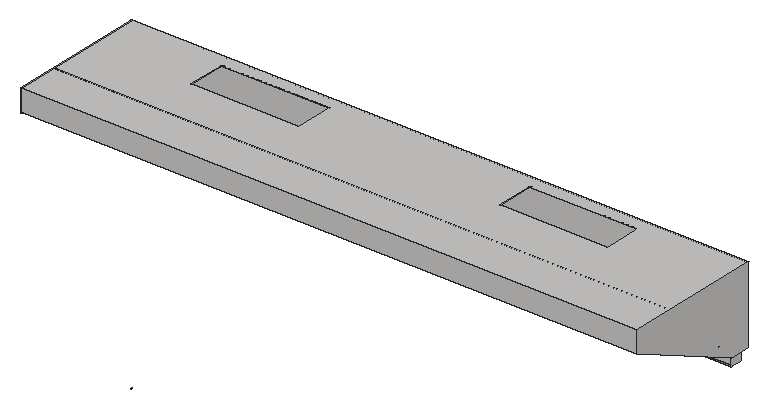
Revit family "QF_ELECTROLUXPROFESSIONAL_642292_MP940BT", category Specialty Equipment, Revit 2014
Reference planes
  plane 1: z = 0
  plane 2 "Center (Left/Right)": x = 150
  plane 3 "LEFT": x = -1850
  plane 4 "RIGHT": x = 2150
  plane 5 "BACK": y = 550
  plane 6 "Plane": z = 2000
  plane 7 "TOP": z = 2140
  plane 8 "Base": z = 1640
  plane 9: z = 1566
  plane 10 "DrainY": y = 485
  plane 11: x = -1847
  plane 12: through (0, 414.509, 1640.8) normal (0, 0.7314, 0.682)
  plane 13: y = 470
  plane 14: y = 220
  plane 15 "DrainX": x = 2030
  plane 16: x = -500
  plane 17: x = 800
  plane 18: x = -1200
  plane 19: x = 1500
  plane 20: x = 2147
  plane 21: x = 1940
  plane 22: x = 2120
  plane 23: x = -1810
  plane 24: x = -1445
  plane 25: x = -1050
  plane 26: x = 2110
  plane 27: x = 1745
  plane 28: x = 1350
  plane 29: x = -47.5
  plane 30: x = 347.5
  plane 31: y = 100
  plane 32: y = -350
Forms (mm)
  Extrusion 1, solid, material "QF_Finishes_Stainless Steel"
    sketch origin (-1850, 0, 0) x (0, 1, 0) y (0, 0, 1)
      loop
        line (550, 1640) -> (550, 2140) -> (-350, 2140) -> (-350, 1999.112) -> (413.973, 1640) -> (550, 1640)
    from 0 to 3
  Extrusion 2, solid, material "QF_Finishes_Stainless Steel"
    sketch origin (150, 0, 0) x (0, 1, 0) y (0, 0, 1)
      loop
        line (415.255, 1640) -> (550, 1640) -> (550, 2139.19) -> (549.2, 2139.19) -> (549.2, 1640.8) -> (415.876, 1640.8) -> (339.347, 1722.867) -> (349.609, 1732.436) -> (348.927, 1733.167) -> (337.934, 1722.917) -> (415.255, 1640)
      loop
        line (-82.203, 2139.19) -> (-82.203, 2118.6) -> (-31.047, 2118.6) -> (34.354, 2048.466) -> (46.028, 2059.352) -> (45.346, 2060.083) -> (34.403, 2049.879) -> (-30.612, 2119.6) -> (-81.203, 2119.6) -> (-81.203, 2139.19) -> (-82.203, 2139.19)
    from -1997 to 1997
  Extrusion 3, solid, material "QF_Finishes_Stainless Steel"
    sketch origin (2150, 0, 0) x (0, 1, 0) y (0, 0, 1)
      loop
        line (550, 1640) -> (550, 2140) -> (-350, 2140) -> (-350, 1999.112) -> (413.973, 1640) -> (550, 1640)
    from 0 to -3
  Extrusion 4, solid, material "QF_Finishes_Stainless Steel"
    sketch origin (150, 0, 0) x (0, 1, 0) y (0, 0, 1)
      loop
        line (-350, 2140) -> (-350, 2000) -> (-349.2, 2000) -> (-349.2, 2139.19) -> (550, 2139.19) -> (550, 2140) -> (-350, 2140)
    from -2000 to 2000
  Extrusion 5, solid, material "QF_Finishes_Stainless Steel"
    sketch origin (150, 0, 0) x (0, 1, 0) y (0, 0, 1)
      loop
        line (534, 1640) -> (436, 1640) -> (436, 1627) -> (443.5, 1627) -> (443.5, 1576)
        arc (443.5, 1576) -> (446.429, 1568.929) -> (453.5, 1566) r 10
        line (453.5, 1566) -> (516.5, 1566)
        arc (516.5, 1566) -> (523.571, 1568.929) -> (526.5, 1576) r 10
        line (526.5, 1576) -> (526.5, 1627) -> (534, 1627) -> (534, 1640)
    from 1790 to 1970
  Extrusion 6, solid, material "QF_Finishes_Stainless Steel"
    sketch origin (0, 0, 1640) x (0, 1, 0) y (-1, 0, 0)
      loop
        circle (485, -2030) r 20
    from -76 to -74
  Extrusion 7, solid, material "QF_Finished_Chrome"
    sketch origin (150, 0, 0) x (0, 1, 0) y (0, 0, 1)
      loop
        line (337.934, 1722.917) -> (341.591, 1726.327) -> (38.011, 2051.876) -> (34.354, 2048.466) -> (337.934, 1722.917)
    from -1595 to -1960
  Extrusion 8, solid, material "QF_Finished_Chrome"
    sketch origin (150, 0, 0) x (0, 1, 0) y (0, 0, 1)
      loop
        line (337.934, 1722.917) -> (341.591, 1726.327) -> (38.011, 2051.876) -> (34.354, 2048.466) -> (337.934, 1722.917)
    from -197.5 to -1200
  Extrusion 9, solid, material "QF_Finishes_Stainless Steel"
    sketch origin (150, 0, 0) x (0, 1, 0) y (0, 0, 1)
      loop
        line (337.934, 1722.917) -> (341.591, 1726.327) -> (38.011, 2051.876) -> (34.354, 2048.466) -> (337.934, 1722.917)
    from 1997 to 1960
  Extrusion 10, solid, material "QF_Finishes_Stainless Steel"
    sketch origin (150, 0, 0) x (0, 1, 0) y (0, 0, 1)
      loop
        line (341.588, 1726.324) -> (38.009, 2051.874) -> (34.354, 2048.466) -> (337.934, 1722.917) -> (341.588, 1726.324)
    from -1595 to -1200
  Extrusion 11, solid, material "QF_Finished_Chrome"
    sketch origin (150, 0, 0) x (0, 1, 0) y (0, 0, 1)
      loop
        line (341.588, 1726.324) -> (38.009, 2051.874) -> (34.354, 2048.466) -> (337.934, 1722.917) -> (341.588, 1726.324)
    from 1595 to 1960
  Extrusion 12, void
    sketch origin (0, 0, 2140) x (0, 1, 0) y (-1, 0, 0)
      loop
        line (470, 1200) -> (220, 1200) -> (220, 500) -> (470, 500) -> (470, 1200)
    from 0 to -10
  Extrusion 13, void
    sketch origin (940, 0, 2140) x (0, 1, 0) y (-1, 0, 0)
      loop
        line (470, 140) -> (220, 140) -> (220, -560) -> (470, -560) -> (470, 140)
    from 0 to -10
  Extrusion 14, solid, material "QF_Finishes_Stainless Steel"
    sketch origin (0, 0, 0) x (1, 0, 0) y (0, 1, 0)
      loop
        line (-1850, 550) -> (-1850, 549) -> (-1849, 549) -> (-1849, 550) -> (-1850, 550)
    from 0 to 1
  Extrusion 15, solid, material "QF_Finishes_Stainless Steel"
    sketch origin (150, 0, 0) x (0, 1, 0) y (0, 0, 1)
      loop
        line (337.934, 1722.917) -> (341.591, 1726.327) -> (38.011, 2051.876) -> (34.354, 2048.466) -> (337.934, 1722.917)
    from -1960 to -1997
  Extrusion 16, solid, material "QF_Finishes_Stainless Steel"
    sketch origin (150, 0, 0) x (0, 1, 0) y (0, 0, -1)
      loop
        line (341.588, -1726.324) -> (337.934, -1722.917) -> (34.354, -2048.466) -> (38.009, -2051.874) -> (341.588, -1726.324)
    from -1595 to -1200
  Extrusion 17, solid, material "QF_Finished_Chrome"
    sketch origin (150, 0, 0) x (0, 1, 0) y (0, 0, 1)
      loop
        line (337.934, 1722.917) -> (341.591, 1726.327) -> (38.011, 2051.876) -> (34.354, 2048.466) -> (337.934, 1722.917)
    from 1200 to 197.5
  Extrusion 18, solid, material "QF_Finishes_Stainless Steel"
    sketch origin (150, 0, 0) x (0, 1, 0) y (0, 0, -1)
      loop
        line (341.588, -1726.324) -> (337.934, -1722.917) -> (34.354, -2048.466) -> (38.009, -2051.874) -> (341.588, -1726.324)
    from -197.5 to 197.5
Cuts and joins
  Extrusion 12, Extrusion 13 cuts Extrusion 4
  joined: Extrusion 2, Extrusion 4
Lines and regions (mm)
  reference lines
    curve 1: line (150, 34.354, 2048.466) -> (150, 34.354, 1888.466)
  symbolic lines, style "SpecialityEquipment", detail levels coarse
    curve 2: line (2150, 550, 2140) -> (-1850, 550, 2140)
    curve 3: line (-1850, 550, 2140) -> (-1850, -350, 2140)
    curve 4: line (2150, -350, 2140) -> (2150, 550, 2140)
    curve 5: line (-1850, -350, 2140) -> (2150, -350, 2140)
    curve 6: line (-1200, 220, 2140) -> (-500, 220, 2140)
    curve 7: line (-1200, 470, 2140) -> (-1200, 220, 2140)
    curve 8: line (-500, 470, 2140) -> (-1200, 470, 2140)
    curve 9: line (-500, 220, 2140) -> (-500, 470, 2140)
    curve 10: line (800, 470, 2140) -> (800, 220, 2140)
    curve 11: line (800, 220, 2140) -> (1500, 220, 2140)
    curve 12: line (1500, 470, 2140) -> (800, 470, 2140)
    curve 13: line (1500, 220, 2140) -> (1500, 470, 2140)
  symbolic lines, detail levels coarse
    curve 14: line (-1850, -350, 0) -> (2150, 550, 0)
    curve 15: line (-1850, 550, 0) -> (2150, -350, 0)
Dimensions and locks
  plane 3 "LEFT" to plane 4 "RIGHT" = 4000 mm
  equal spacing: plane 3 "LEFT", plane 2 "Center (Left/Right)", plane 4 "RIGHT"
  locked: plane 6 "Plane" to level at 2000
  plane 7 "TOP" to plane 6 "Plane" = 140 mm
  locked: plane 7 "TOP" to plane 8 "Base" at 500
  plane 8 "Base" to plane 9 = 74 mm
  plane 5 "BACK" to plane 10 "DrainY" = 65 mm  (x2)
  plane 3 "LEFT" to plane 11 = 3 mm
  plane 5 "BACK" to plane 13 = 80 mm
  plane 13 to plane 14 = 250 mm  (x2)
  plane 15 "DrainX" to plane 4 "RIGHT" = 120 mm
  locked: plane 16 to plane 17 at 1300
  equal spacing: plane 16, plane 2 "Center (Left/Right)", plane 17
  plane 18 to plane 16 = 700 mm
  plane 17 to plane 19 = 700 mm
  plane 20 to plane 4 "RIGHT" = 3 mm
  locked: plane 21 to plane 15 "DrainX" at 90
  locked: plane 15 "DrainX" to plane 22 at 90
  plane 13 to plane 5 "BACK" = 80 mm
  locked: plane 3 "LEFT" to plane 23 at 40
  locked: plane 23 to plane 24 at 365
  locked: plane 24 to plane 25 at 395
  locked: plane 26 to plane 27 at 365
  locked: plane 27 to plane 28 at 395
  locked: plane 26 to plane 4 "RIGHT" at 40
  locked: plane 29 to plane 30 at 395
  equal spacing: plane 29, plane 2 "Center (Left/Right)", plane 30
  plane 25 to plane 29 = 1002.5 mm
  plane 30 to plane 28 = 1002.5 mm
  plane 5 "BACK" to plane 32 = 900 mm  (x2)
  equal spacing: plane 5 "BACK", plane 31, plane 32
  aligned and locked: level to plane 1
  aligned and locked: Extrusion 2 to Extrusion 1
  aligned and locked: Extrusion 2 to Extrusion 3
  aligned and locked: plane 4 "RIGHT" to Extrusion 4
  aligned and locked: Extrusion 4 to plane 3 "LEFT"
  aligned and locked: plane 20 to Extrusion 9
  aligned and locked: plane 18 to Extrusion 12
  aligned and locked: Extrusion 12 to plane 16
  aligned and locked: Extrusion 12 to plane 14
  aligned and locked: Extrusion 12 to plane 13
  aligned and locked: Extrusion 13 to plane 19
  aligned and locked: plane 17 to Extrusion 13
  aligned and locked: Extrusion 2 to Extrusion 4
  aligned and locked: plane 22 to Extrusion 5
  aligned and locked: Extrusion 5 to plane 21
  aligned and locked: Extrusion 9 to plane 26
  aligned and locked: Extrusion 11 to plane 26
  aligned and locked: Extrusion 11 to plane 27
  aligned and locked: Extrusion 8 to plane 25
  aligned and locked: plane 25 to Extrusion 10
  aligned and locked: Extrusion 10 to plane 24
  aligned and locked: plane 24 to Extrusion 7
  aligned and locked: Extrusion 7 to plane 23
  aligned and locked: Extrusion 15 to plane 11
  aligned and locked: plane 23 to Extrusion 15
  aligned and locked: Extrusion 16 to plane 28
  aligned and locked: Extrusion 16 to plane 27
  aligned and locked: Extrusion 3 to plane 20
  aligned and locked: plane 29 to Extrusion 8
  aligned and locked: Extrusion 17 to plane 28
  aligned and locked: Extrusion 17 to plane 30
  aligned and locked: plane 30 to Extrusion 18
  aligned and locked: Extrusion 18 to plane 29
Automatic sketch dimensions
  curve 5 to plane 3 "LEFT" = 0 mm
  curve 9 to plane 14 = 0 mm
  curve 10 to plane 14 = 0 mm
  plane 13 to curve 8 = 0 mm
  plane 13 to curve 12 = 0 mm
  curve 3 to plane 5 "BACK" = 0 mm
  curve 5 to plane 4 "RIGHT" = 0 mm
  curve 11 to plane 19 = 0 mm
  curve 10 to plane 17 = 0 mm
  curve 6 to plane 16 = 0 mm
  curve 6 to plane 18 = 0 mm
  Extrusion 2 sketch curve to plane 12 = 0 mm  (x3)
  Extrusion 2 sketch curve to plane 8 "Base" = 0 mm
  plane 12 to Extrusion 2 sketch curve = 0 mm
  Extrusion 2 sketch curve to plane 5 "BACK" = 0 mm
  Extrusion 2 sketch curve to Extrusion 2 sketch curve = 65.646 mm
  Extrusion 2 sketch curve to Extrusion 2 sketch curve = 0.682 mm  (x2)
  Extrusion 2 sketch curve to Extrusion 2 sketch curve = 10.261 mm
  plane 8 "Base" to Extrusion 2 sketch curve = 82.917 mm
  Extrusion 2 sketch curve to Extrusion 2 sketch curve = 10.942 mm
  Extrusion 2 sketch curve to Extrusion 2 sketch curve = 0.049 mm
  Extrusion 2 sketch curve to plane 7 "TOP" = 20.4 mm
  Extrusion 2 sketch curve to plane 7 "TOP" = 21.4 mm
  Extrusion 2 sketch curve to plane 7 "TOP" = 0.81 mm  (x2)
  Extrusion 2 sketch curve to Extrusion 2 sketch curve = 50.156 mm
  Extrusion 2 sketch curve to Extrusion 2 sketch curve = 1 mm
  plane 8 "Base" to Extrusion 2 sketch curve = 0.8 mm
  Extrusion 2 sketch curve to plane 5 "BACK" = 0.8 mm
  Extrusion 3 sketch curve to plane 8 "Base" = 0 mm
  Extrusion 3 sketch curve to plane 5 "BACK" = 0 mm
  Extrusion 3 sketch curve to plane 7 "TOP" = 0 mm
  plane 13 to Extrusion 3 sketch curve = 56.027 mm
  Extrusion 4 sketch curve to plane 6 "Plane" = 0 mm
  Extrusion 4 sketch curve to plane 5 "BACK" = 0 mm
  Extrusion 4 sketch curve to plane 7 "TOP" = 0 mm
  Extrusion 4 sketch curve to plane 7 "TOP" = 0.81 mm
  curve 1 to plane 12 = 0 mm
  curve 1 to plane 6 "Plane" = 111.534 mm
  Extrusion 5 sketch curve to plane 8 "Base" = 0 mm
  Extrusion 5 sketch curve to plane 9 = 0 mm
  Extrusion 5 sketch curve to plane 8 "Base" = 13 mm  (x2)
  plane 13 to Extrusion 5 sketch curve = 34 mm
  Extrusion 5 sketch curve to Extrusion 5 sketch curve = 7.5 mm  (x2)
  Extrusion 5 sketch curve to Extrusion 5 sketch curve = 10 mm
  plane 10 "DrainY" to Extrusion 5 sketch curve = 31.5 mm
  Extrusion 5 sketch curve to plane 5 "BACK" = 23.5 mm
  Extrusion 6 sketch curve to plane 10 "DrainY" = 0 mm
  Extrusion 6 sketch curve to plane 15 "DrainX" = 0 mm
  Extrusion 7 sketch curve to plane 12 = 0 mm  (x2)
  Extrusion 7 sketch curve to Extrusion 7 sketch curve = 3.657 mm
  plane 8 "Base" to Extrusion 7 sketch curve = 82.917 mm
  Extrusion 8 sketch curve to plane 12 = 0 mm  (x2)
  Extrusion 8 sketch curve to Extrusion 8 sketch curve = 3.657 mm
  plane 8 "Base" to Extrusion 8 sketch curve = 82.917 mm
  Extrusion 9 sketch curve to plane 12 = 0 mm  (x2)
  Extrusion 9 sketch curve to Extrusion 9 sketch curve = 3.657 mm
  plane 8 "Base" to Extrusion 9 sketch curve = 82.917 mm
  Extrusion 10 sketch curve to plane 12 = 0 mm  (x2)
  Extrusion 10 sketch curve to Extrusion 10 sketch curve = 3.655 mm
  plane 8 "Base" to Extrusion 10 sketch curve = 82.917 mm
  Extrusion 11 sketch curve to plane 12 = 0 mm  (x2)
  Extrusion 11 sketch curve to Extrusion 11 sketch curve = 3.655 mm
  plane 8 "Base" to Extrusion 11 sketch curve = 82.917 mm
  Extrusion 12 sketch curve to plane 14 = 0 mm
  plane 13 to Extrusion 12 sketch curve = 0 mm
  Extrusion 12 sketch curve to plane 16 = 0 mm
  Extrusion 12 sketch curve to plane 18 = 0 mm
  Extrusion 13 sketch curve to plane 14 = 0 mm
  plane 13 to Extrusion 13 sketch curve = 0 mm
  Extrusion 13 sketch curve to plane 19 = 0 mm
  Extrusion 13 sketch curve to plane 17 = 0 mm
  Extrusion 14 sketch curve to plane 3 "LEFT" = 0 mm
  Extrusion 14 sketch curve to plane 5 "BACK" = 0 mm
  plane 3 "LEFT" to Extrusion 14 sketch curve = 1 mm
  Extrusion 14 sketch curve to Extrusion 14 sketch curve = 1 mm
  Extrusion 15 sketch curve to plane 12 = 0 mm  (x2)
  Extrusion 15 sketch curve to Extrusion 15 sketch curve = 3.657 mm
  plane 8 "Base" to Extrusion 15 sketch curve = 82.917 mm
  Extrusion 16 sketch curve to plane 12 = 0 mm  (x2)
  Extrusion 16 sketch curve to Extrusion 16 sketch curve = 3.655 mm
  plane 8 "Base" to Extrusion 16 sketch curve = 82.917 mm
  Extrusion 17 sketch curve to plane 12 = 0 mm  (x2)
  Extrusion 17 sketch curve to Extrusion 17 sketch curve = 3.657 mm
  plane 8 "Base" to Extrusion 17 sketch curve = 82.917 mm
  Extrusion 18 sketch curve to plane 12 = 0 mm  (x2)
  Extrusion 18 sketch curve to Extrusion 18 sketch curve = 3.655 mm
  plane 8 "Base" to Extrusion 18 sketch curve = 82.917 mm
  Extrusion 4 sketch curve to Extrusion 4 sketch curve = 0.8 mm
  curve 5 to plane 14 = 570 mm
  plane 6 "Plane" to Extrusion 2 sketch curve = 48.466 mm
  Extrusion 4 sketch curve to plane 14 = 569.2 mm
  curve 1 to plane 14 = 185.646 mm
  plane 6 "Plane" to Extrusion 7 sketch curve = 51.876 mm
  plane 6 "Plane" to Extrusion 8 sketch curve = 51.876 mm
  plane 6 "Plane" to Extrusion 9 sketch curve = 51.876 mm
  plane 6 "Plane" to Extrusion 10 sketch curve = 51.874 mm
  plane 6 "Plane" to Extrusion 11 sketch curve = 51.874 mm
  plane 6 "Plane" to Extrusion 15 sketch curve = 51.876 mm
  plane 6 "Plane" to Extrusion 16 sketch curve = 51.874 mm
  plane 6 "Plane" to Extrusion 17 sketch curve = 51.876 mm
  plane 6 "Plane" to Extrusion 18 sketch curve = 51.874 mm
  Extrusion 1 sketch curve to plane 32 = 0 mm
  Extrusion 1 sketch curve to plane 8 "Base" = 0 mm
  Extrusion 1 sketch curve to plane 5 "BACK" = 0 mm
  Extrusion 1 sketch curve to plane 7 "TOP" = 0 mm
  plane 13 to Extrusion 1 sketch curve = 56.027 mm
  Extrusion 1 sketch curve to plane 6 "Plane" = 0.888 mm
  Extrusion 3 sketch curve to plane 32 = 0 mm
  Extrusion 3 sketch curve to plane 6 "Plane" = 0.888 mm
  curve 15 to plane 3 "LEFT" = 0 mm
  curve 14 to plane 3 "LEFT" = 0 mm
  curve 15 to plane 4 "RIGHT" = 0 mm
  curve 14 to plane 4 "RIGHT" = 0 mm
  curve 15 to plane 32 = 0 mm
  curve 14 to plane 32 = 0 mm
  curve 15 to plane 5 "BACK" = 0 mm
  curve 14 to plane 5 "BACK" = 0 mm
  radius of Extrusion 6 sketch curve = 20 mm
Connectors
  piping at (2030, 485, 1564), diameter 20
    settings: on Extrusion 6, index 1, connector inside diameter 609.6 mm, connector length 0 mm, flow factor 0, pipe flow 0.0 L/s, pressure drop 0.0 Pa, fitting loss kfactor 0, connector angle 0.00°, fixture units 0, engagement length 0 mm, angle of deflection 0.00°, flow configuration 1, flow direction 2, fitting loss method 0, system type 16, joint type 0, gender type 0, connector reference index -1, connector utility 0, adjustable connector no, is connector primary yes, connector description "Drain"
  hvac at (-850, 345, 2140)
    settings: on Extrusion 12, index 2, duct flow 0.0 L/s, flow factor 0, pres drop 0.0 Pa, loss coef 0, conn angle 0.00°, conn width 250 mm, conn height 700 mm, conn diameter 609.6 mm, duct sys type 3, conn prof type 1, flow config 1, flow direction 0, loss method 0, conn ref index -1, conn util no, is conn primary yes, conn desc "EXHAUST OUTLET"
  hvac at (1150, 345, 2140)
    settings: on Extrusion 13, index 3, duct flow 0.0 L/s, flow factor 0, pres drop 0.0 Pa, loss coef 0, conn angle 0.00°, conn width 250 mm, conn height 700 mm, conn diameter 609.6 mm, duct sys type 3, conn prof type 1, flow config 1, flow direction 0, loss method 0, conn ref index -1, conn util no, is conn primary no, conn desc "EXHAUST OUTLET"
